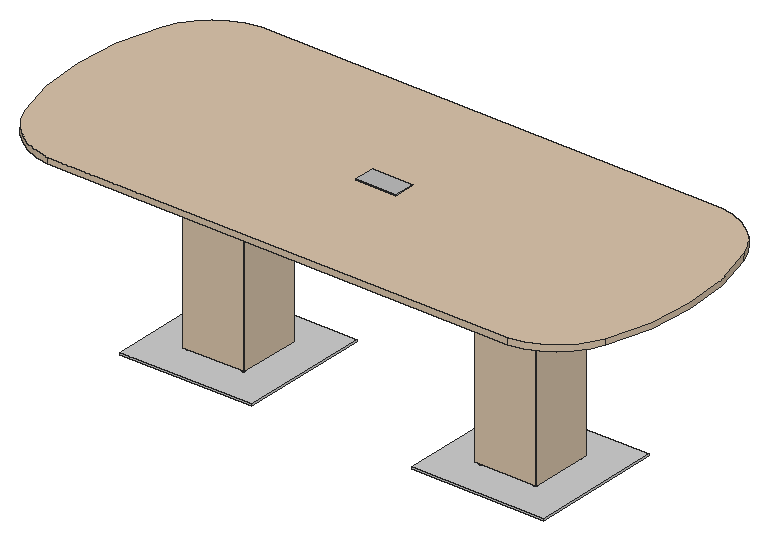
Revit family "Haworth_Planes_ColumnBaseConferenceTable_PebbleOnePiece", category Furniture Systems, Revit 2018
Family settings
  Round Connector Dimension = Use Diameter
  Part Type = Normal
  OmniClass Number = 23.40.70.14.64.21
  OmniClass Title = Systems Furniture
  Work Plane-Based = No
  Always vertical = Yes
  Cut with Voids When Loaded = No
  Shared = No
  Room Calculation Point = No
Parameters (values of type "120w 60d")
  Worksurface Finish [instance] = Haworth _ Laminate _ Maple H-AE
  Worksurface Edge Finish [instance] = Haworth _ Laminate _ Maple H-AE
  Width = 120"
  Warranty = "https://www.haworth.com/resources/product-info/warranties"
  URL - Product = "https://www.haworth.com/products/tables/conference/planes"
  Trim Finish = Haworth _ Laminate _ Maple H-AE
  Sustainability Info = "https://haworth.com/company-info/sustainability"
  Support Side Offset = 30"  # constant formula
  Standard Widths = "96, 102, 108, 114, 120 in."  # constant formula
  Standard Heights = "21, 29, 41 in."  # constant formula
  Standard Depths = "42, 48, 54, 60 in."  # constant formula
  Opening Single Wide = no
  Opening Single = not(or(Opening Single Wide, Opening Double, Opening Double Wide))  # yes
  Opening Left/Right = not(Opening Center)  # no
  Opening Double Wide = no
  Opening Double = no
  Opening Center = yes
  Model = "TARP"  # constant formula
  Min. Depth = 42"  # constant formula
  Max. Depth = 60"  # constant formula
  URL = "www.haworth.com"
  Support Height = Actual Height - Table Thickness  # 39 13/16"
  Size = "Verify Final Dim. w/ Haworth"  # constant formula
  Revision Number = "1"  # constant formula
  Min. Width = 96"  # constant formula
  Max. Width = 120"  # constant formula
  Min. Height = 21"  # constant formula
  Max. Height = 41"  # constant formula
  Manufacturer = "Haworth"  # constant formula
  Height = 41"
  Fliptop Width = Cutout Width + 1/4"  # 8 1/4"
  Fliptop Side Offset = Actual Width / 4  # 30"
  Fliptop Side Control = and(Flip Top, [Opening Left/Right])  # no
  Fliptop Depth = Cutout Depth + 3/8"  # 4 3/8"
  Fliptop Center Control = and(Flip Top, Opening Center)  # yes
  Flip Top Finish = Haworth _ Paint _ Metallic Champagne
  Flip Top = yes
  Description = "Haworth - Planes - Column Base Conference Table - Pebble - One-Piece"  # constant formula
  Depth = 60"
  Cutout Width = if(or(Opening Single Wide, Opening Double Wide), 11", 8")  # 8"
  Cutout Depth = if(or(Opening Double, Opening Double Wide), 7 11/16", 4")  # 4"
  Custom Size = not(and(or(Depth = 42", Depth = 48", Depth = 54", Depth = 60"), or(Width = 96", Width = 102", Width = 108", Width = 114", Width = 120")))  # no
  Base Finish = Haworth _ Metal _ Brushed Aluminum
  Author = "Haworth (Alias)"  # constant formula
  Assembly Code = "E2020200"
  Actual Width = if(Width > Max. Width, Max. Width, if(Width < Min. Width, Min. Width, Width))  # 120"
  Actual Height = if(Height > Max. Height, Max. Height, if(Height < Min. Height, Min. Height, Height))  # 41"
  Table Thickness = 1 3/16"  # constant formula
  Actual Depth = if(Depth > Max. Depth, Max. Depth, if(Depth < Min. Depth, Min. Depth, Depth))  # 60"
Reference planes (in)
  plane 1 "Center F/B": y = -0.15866
  plane 2 "Floor": z = 0
  plane 3 "Center L/R": x = 0
  plane 4 "Table Edge Left": x = -60
  plane 5 "Table Edge Right": x = 60
  plane 6 "Table Bottom": z = 41
  plane 7 "Left Support": x = -30
  plane 8 "Right Support": x = 30
  plane 9 "Worksurface Bottom": z = 39.8125
  plane 10 "Back": y = 29.84134
  plane 11 "Front": y = -30.15866
  plane 12 "Fliptop Left": x = -30
  plane 13 "Fliptop Right": x = 30
Dimensions and locks (in)
  "Actual Width": plane 4 "Table Edge Left" to plane 5 "Table Edge Right"
  equal spacing: plane 4 "Table Edge Left", plane 3 "Center L/R", plane 5 "Table Edge Right"
  "Actual Height": plane 6 "Table Bottom" to level
  "Support Side Offset": plane 4 "Table Edge Left" to plane 7 "Left Support"
  "Support Side Offset": plane 8 "Right Support" to plane 5 "Table Edge Right"
  equal spacing: plane 10 "Back", plane 1 "Center F/B", plane 11 "Front"
  "Actual Depth": plane 10 "Back" to plane 11 "Front"
  "Table Thickness": plane 6 "Table Bottom" to plane 9 "Worksurface Bottom"
  "Fliptop Side Offset": plane 4 "Table Edge Left" to plane 12 "Fliptop Left"
  "Fliptop Side Offset": plane 13 "Fliptop Right" to plane 5 "Table Edge Right"
  aligned and locked: plane 2 "Floor" to nested 1
  aligned and locked: plane 2 "Floor" to nested 2
  aligned and locked: plane 1 "Center F/B" to nested 1
  aligned and locked: plane 1 "Center F/B" to nested 2
  aligned and locked: plane 7 "Left Support" to nested 2
  aligned and locked: plane 8 "Right Support" to nested 1
  aligned and locked: plane 3 "Center L/R" to nested 3
  aligned and locked: plane 1 "Center F/B" to nested 3
  aligned and locked: nested 4 to plane 13 "Fliptop Right"
  aligned and locked: plane 1 "Center F/B" to nested 4
  aligned and locked: plane 12 "Fliptop Left" to nested 5
  aligned and locked: plane 1 "Center F/B" to nested 5
  aligned and locked: plane 2 "Floor" to nested 6
  aligned and locked: plane 1 "Center F/B" to nested 6
  aligned and locked: plane 3 "Center L/R" to nested 6
Nested families (in)
  nested 1: "Haworth_Planes_ColumnBase_Part" at (30, -3.78366, 0), type "Square"
    with Actual Height 39 13/16"
  nested 2: "Haworth_Planes_ColumnBase_Part" at (-30, -3.78366, 0), type "Square"
    with Actual Height 39 13/16"
  nested 3: "Haworth_Worksurface_FlipTop_Unit_Part" at (-0.57037, -0.21114, 41), built-in parameter 1001364 <- "Actual Height", visible <- "Fliptop Center Control", type "Flip Top"
  nested 4: "Haworth_Worksurface_FlipTop_Unit_Part" at (29.42963, -0.21114, 41), built-in parameter 1001364 <- "Actual Height", visible <- "Fliptop Side Control", type "Flip Top"
  nested 5: "Haworth_Worksurface_FlipTop_Unit_Part" at (-30.57037, -0.21114, 41), built-in parameter 1001364 <- "Actual Height", visible <- "Fliptop Side Control", type "Flip Top"
  nested 6: "Haworth_Planes_Worksurface_Pebble_NEWPart" at (0, -15.15866, 0), type "Worksurface"
    with Large Radius 426", Cutout Dimension 1", Cutout no, Actual Height 41", Actual Depth 60"
Definition of nested family "Haworth_Planes_ColumnBase_Part"
  Parameters (values of type "Square")
    Warranty = "http://www.haworth.com/resources/product-info/warranties"
    URL - Product = "http://www.haworth.com/products/tables/conference/planes"
    URL = "www.haworth.com"
    Trim Finish = none
    Top Gap = 1 1/2"  # constant formula
    Sustainability Info = "http://www.haworth.com/company-info/sustainablility"
    Support Finish = none
    Size = "Verify Final Dim. w/ Haworth"  # constant formula
    Revision Number = "2"  # constant formula
    Model = "Haworth - Planes - Enhanced Column Base - LIMITED"  # constant formula
    Min. Height = 27"  # constant formula
    Max. Height = 36"  # constant formula
    Manufacturer = "Haworth"  # constant formula
    Description = "Haworth - Planes - Enhanced Column Base - LIMITED"  # constant formula
    Column Frame Width 9 = no
    Column Frame Width 12 = yes
    Cladding Thickness = 1/8"  # constant formula
    Cladding Square = yes
    Cladding Round = no
    Cladding Radius = 8 1/2"  # constant formula
    Base Plate Square = yes
    Base Plate Round = no
    Base Plate Radius = 15"  # constant formula
    Base Height Offset = 3/8"  # constant formula
    Base Finish = none
    Base Depth Offset = 7 1/8"  # constant formula
    Author = "Haworth (Hampton)"  # constant formula
    Assembly Code = "E2020200"
    Actual Width = 12 3/4"  # constant formula
    Actual Height = 27 3/16"
    Actual Depth = 12 3/4"  # constant formula
  Types (2): name | Cladding Square | Cladding Round | Base Plate Square | Base Plate Round
    Square | yes | no | yes | no
    Round | no | yes | no | yes
  Reference planes (in)
    plane 1 "Center F/B": y = 3.625
    plane 2 "Bottom": z = 0
    plane 3 "Center L/R": x = 0
    plane 4 "Left": x = -6.375
    plane 5 "Right": x = 6.375
    plane 6 "Front": y = -2.75
    plane 7 "Top": z = 27.1875
    plane 8 "Back": y = 10
    plane 9: y = 9.25
    plane 10: x = 5.625
    plane 11: x = -5.625
    plane 12: y = -2
    plane 13 "Panel Top": z = 25.6875
    plane 14 "Base Plate Top": z = 0.375
    plane 15 "Panel Bottom": z = 0.75
    plane 16: x = -6.25
    plane 17: x = 6.25
    plane 18: y = 9.875
    plane 19: y = -2.625
    plane 20 "Plate Back": y = 17.125
    plane 21 "Plate Front": y = -9.875
    plane 22 "Plate Left": x = -13.5
    plane 23 "Plate Right": x = 13.5
    plane 24 "Angel 2": through (6.375, 10, 48) normal (0.7071, -0.7071, 0)
    plane 25 "Angel 1": through (-6.375, 10, 48) normal (0.7071, 0.7071, 0)
    plane 26: through (6.375, -2.75, 48) normal (-0.7071, -0.7071, 0)
    plane 27: through (6.375, 10, 48) normal (0.7071, -0.7071, 0)
    plane 28: through (-6.375, -2.75, 48) normal (-0.7071, 0.7071, 0)
    plane 29: through (6.375, -2.75, 48) normal (-0.7071, -0.7071, 0)
    plane 30: through (-6.375, 10, 48) normal (0.7071, 0.7071, 0)
    plane 31: through (-6.375, -2.75, 48) normal (-0.7071, 0.7071, 0)
  Forms (in)
    Extrusion 1, solid, material <- "Trim Finish", visible <- "Cladding Square"
      sketch origin (0, 0, 0) x (1, 0, 0) y (0, 1, 0)
        loop
          line (-6.375, 9.875) -> (-6.375, -2.625) -> (-6.25, -2.625) -> (-6.25, 9.875) -> (-6.375, 9.875)
      from 0.75 to 25.6875
    Extrusion 2, solid, material <- "Trim Finish", visible <- "Cladding Square"
      sketch origin (0, 0, 0) x (1, 0, 0) y (0, 1, 0)
        loop
          line (-6.25, 10) -> (-6.25, 9.875) -> (6.25, 9.875) -> (6.25, 10) -> (-6.25, 10)
      from 0.75 to 25.6875
    Extrusion 3, solid, material <- "Trim Finish", visible <- "Cladding Square"
      sketch origin (0, 0, 0) x (1, 0, 0) y (0, 1, 0)
        loop
          line (6.25, 9.875) -> (6.25, -2.625) -> (6.375, -2.625) -> (6.375, 9.875) -> (6.25, 9.875)
      from 0.75 to 25.6875
    Extrusion 4, solid, material <- "Trim Finish", visible <- "Cladding Square"
      sketch origin (0, 0, 0) x (1, 0, 0) y (0, 1, 0)
        loop
          line (-6.25, -2.625) -> (-6.25, -2.75) -> (6.25, -2.75) -> (6.25, -2.625) -> (-6.25, -2.625)
      from 0.75 to 25.6875
    Extrusion 5, solid, material <- "Support Finish"
      sketch origin (0, 0, 0) x (1, 0, 0) y (0, 1, 0)
        loop
          circle (-5.625, 9.25) r 0.375
        loop
          circle (5.625, 9.25) r 0.375
        loop
          circle (5.625, -2) r 0.375
        loop
          circle (-5.625, -2) r 0.375
      from 0.375 to 27.1875
    Extrusion 6, solid, material <- "Base Finish", visible <- "Base Plate Square"
      sketch origin (0, 0, 0) x (1, 0, 0) y (0, 1, 0)
        loop
          line (-13.5, 17.125) -> (-13.5, -9.875) -> (13.5, -9.875) -> (13.5, 17.125) -> (-13.5, 17.125)
      from 0 to 0.375
    Extrusion 7, solid, material <- "Base Finish", visible <- "Base Plate Round"
      sketch origin (0, 0, 0) x (1, 0, 0) y (0, 1, 0)
        loop
          circle (0, 3.625) r 15
      from 0 to 0.375
    Extrusion 8, solid, material <- "Trim Finish", visible <- "Cladding Round"
      sketch origin (0, 0, 0) x (1, 0, 0) y (0, 1, 0)
        loop
          arc (-6.01041, 9.63541) -> (0, 12.125) -> (6.01041, 9.63541) r 8.5
          line (6.01041, 9.63541) -> (6.01041, 9.81092)
          arc (6.01041, 9.81092) -> (0, 12.25) -> (-6.01041, 9.81092) r 8.625
          line (-6.01041, 9.81092) -> (-6.01041, 9.63541)
      from 0.75 to 25.6875
    Extrusion 9, solid, material <- "Trim Finish", visible <- "Cladding Round"
      sketch origin (-3.625, 3.625, 0) x (0, -1, 0) y (1, 0, 0)
        loop
          arc (-6.01041, 9.63541) -> (0, 12.125) -> (6.01041, 9.63541) r 8.5
          line (6.01041, 9.63541) -> (6.01041, 9.81092)
          arc (6.01041, 9.81092) -> (0, 12.25) -> (-6.01041, 9.81092) r 8.625
          line (-6.01041, 9.81092) -> (-6.01041, 9.63541)
      from 0.75 to 25.6875
    Extrusion 10, solid, material <- "Trim Finish", visible <- "Cladding Round"
      sketch origin (0, 7.25, 0) x (-1, 0, 0) y (0, -1, 0)
        loop
          arc (-6.01041, 9.63541) -> (0, 12.125) -> (6.01041, 9.63541) r 8.5
          line (6.01041, 9.63541) -> (6.01041, 9.81092)
          arc (6.01041, 9.81092) -> (0, 12.25) -> (-6.01041, 9.81092) r 8.625
          line (-6.01041, 9.81092) -> (-6.01041, 9.63541)
      from 0.75 to 25.6875
    Extrusion 11, solid, material <- "Trim Finish", visible <- "Cladding Round"
      sketch origin (3.625, 3.625, 0) x (0, 1, 0) y (-1, 0, 0)
        loop
          arc (-6.01041, 9.63541) -> (0, 12.125) -> (6.01041, 9.63541) r 8.5
          line (6.01041, 9.63541) -> (6.01041, 9.81092)
          arc (6.01041, 9.81092) -> (0, 12.25) -> (-6.01041, 9.81092) r 8.625
          line (-6.01041, 9.81092) -> (-6.01041, 9.63541)
      from 0.75 to 25.6875
  Lines and regions (in)
    symbolic lines, visible <- "Base Plate Square", detail levels medium+fine
      curve 1: line (-13.5, 17.125, 0) -> (13.5, 17.125, 0)
      curve 2: line (13.5, 17.125, 0) -> (13.5, -9.875, 0)
      curve 3: line (13.5, -9.875, 0) -> (-13.5, -9.875, 0)
      curve 4: line (-13.5, -9.875, 0) -> (-13.5, 17.125, 0)
    symbolic lines, visible <- "Cladding Square", detail levels medium+fine
      curve 5: line (-6.375, 10, 0) -> (6.375, 10, 0)
      curve 6: line (6.375, 10, 0) -> (6.375, -2.75, 0)
      curve 7: line (6.375, -2.75, 0) -> (-6.375, -2.75, 0)
      curve 8: line (-6.375, -2.75, 0) -> (-6.375, 10, 0)
    model lines, visible <- "Base Plate Round"
      curve 9: circle (0, 3.625, 0) r 15 normal (0, 0, 1)
    symbolic lines, visible <- "Base Plate Round", detail levels medium+fine
      curve 10: circle (0, 3.625, 0) r 8.5 normal (0, 0, 1)
  Dimensions and locks (in)
    equal spacing: plane 8 "Back", plane 1 "Center F/B", plane 6 "Front"
    "Actual Depth": plane 8 "Back" to plane 6 "Front"
    equal spacing: plane 4 "Left", plane 3 "Center L/R", plane 5 "Right"
    "Actual Width": plane 4 "Left" to plane 5 "Right"
    "Actual Height": plane 7 "Top" to level
    locked: plane 4 "Left" to plane 11 at 0.75
    locked: plane 10 to plane 5 "Right" at 0.75
    locked: plane 8 "Back" to plane 9 at 0.75
    locked: plane 12 to plane 6 "Front" at 0.75
    "Base Height Offset": plane 14 "Base Plate Top" to level
    "Base Height Offset": plane 15 "Panel Bottom" to plane 14 "Base Plate Top"
    "Top Gap": plane 7 "Top" to plane 13 "Panel Top"
    "Base Depth Offset": plane 22 "Plate Left" to plane 4 "Left"
    "Base Depth Offset": plane 5 "Right" to plane 23 "Plate Right"
    "Base Depth Offset": plane 21 "Plate Front" to plane 6 "Front"
    "Base Depth Offset": plane 20 "Plate Back" to plane 8 "Back"
    "Cladding Thickness": plane 8 "Back" to plane 18
    "Cladding Thickness": plane 19 to plane 6 "Front"
    "Cladding Thickness": plane 4 "Left" to plane 16
    "Cladding Thickness": plane 17 to plane 5 "Right"
    "Base Plate Radius": radius of Extrusion 7 sketch curve
    "Base Plate Radius": radius of curve 9
    "Cladding Radius": radius of Extrusion 8 sketch curve
    "Cladding Radius": radius of curve 10
    "Cladding Radius": radius of Extrusion 9 sketch curve
    "Cladding Radius": radius of Extrusion 10 sketch curve
    "Cladding Radius": radius of Extrusion 11 sketch curve
    aligned and locked: Extrusion 1 sketch curve to plane 19
    aligned and locked: plane 4 "Left" to Extrusion 1 sketch curve
    aligned and locked: Extrusion 1 sketch curve to plane 16
    aligned and locked: Extrusion 1 sketch curve to plane 18
    aligned and locked: Extrusion 2 sketch curve to plane 8 "Back"
    aligned and locked: plane 18 to Extrusion 2 sketch curve
    aligned and locked: plane 16 to Extrusion 2 sketch curve
    aligned and locked: plane 17 to Extrusion 2 sketch curve
    aligned and locked: Extrusion 3 sketch curve to plane 19
    aligned and locked: Extrusion 3 sketch curve to plane 18
    aligned and locked: Extrusion 3 sketch curve to plane 17
    aligned and locked: plane 5 "Right" to Extrusion 3 sketch curve
    aligned and locked: plane 16 to Extrusion 4 sketch curve
    aligned and locked: plane 17 to Extrusion 4 sketch curve
    aligned and locked: plane 19 to Extrusion 4 sketch curve
    aligned and locked: plane 6 "Front" to Extrusion 4 sketch curve
    aligned and locked: plane 13 "Panel Top" to Extrusion 4
    aligned and locked: Extrusion 4 to plane 15 "Panel Bottom"
    aligned and locked: plane 13 "Panel Top" to Extrusion 2
    aligned and locked: Extrusion 2 to plane 15 "Panel Bottom"
    aligned and locked: Extrusion 1 to plane 15 "Panel Bottom"
    aligned and locked: plane 13 "Panel Top" to Extrusion 1
    aligned and locked: Extrusion 3 to plane 15 "Panel Bottom"
    aligned and locked: plane 13 "Panel Top" to Extrusion 3
    aligned and locked: Extrusion 5 to plane 14 "Base Plate Top"
    aligned and locked: plane 7 "Top" to Extrusion 5
    aligned and locked: plane 22 "Plate Left" to Extrusion 6 sketch curve
    aligned and locked: Extrusion 6 sketch curve to plane 21 "Plate Front"
    aligned and locked: plane 23 "Plate Right" to Extrusion 6 sketch curve
    aligned and locked: Extrusion 6 sketch curve to plane 20 "Plate Back"
    aligned and locked: Extrusion 6 to plane 2 "Bottom"
    aligned and locked: Extrusion 6 to plane 14 "Base Plate Top"
    aligned and locked: curve 1 to plane 20 "Plate Back"
    aligned and locked: plane 22 "Plate Left" to curve 4
    aligned and locked: curve 3 to plane 21 "Plate Front"
    aligned and locked: plane 23 "Plate Right" to curve 2
    aligned and locked: plane 5 "Right" to curve 6
    aligned and locked: curve 5 to plane 8 "Back"
    aligned and locked: plane 4 "Left" to curve 8
    aligned and locked: plane 6 "Front" to curve 7
    aligned and locked: Extrusion 7 to plane 2 "Bottom"
    aligned and locked: Extrusion 7 to plane 14 "Base Plate Top"
    aligned and locked: plane 13 "Panel Top" to Extrusion 8
    aligned and locked: Extrusion 8 to plane 15 "Panel Bottom"
    aligned and locked: Extrusion 11 to plane 15 "Panel Bottom"
    aligned and locked: Extrusion 10 to plane 15 "Panel Bottom"
    aligned and locked: Extrusion 9 to plane 15 "Panel Bottom"
    aligned and locked: plane 13 "Panel Top" to Extrusion 11
    aligned and locked: plane 13 "Panel Top" to Extrusion 10
    aligned and locked: plane 13 "Panel Top" to Extrusion 9
    aligned and locked: Extrusion 11 to Extrusion 1  (x2)
    aligned and locked: Extrusion 2 to Extrusion 10  (x2)
    aligned and locked: Extrusion 9 to Extrusion 2
    aligned and locked: Extrusion 2 to Extrusion 9
    aligned and locked: Extrusion 2 to Extrusion 8  (x2)
    aligned and locked: Extrusion 4 to Extrusion 1
    aligned and locked: Extrusion 1 to Extrusion 4
  Automatic sketch dimensions
    Extrusion 5 sketch curve to plane 11 = 0"  (x2)
    Extrusion 5 sketch curve to plane 9 = 0"  (x2)
    Extrusion 5 sketch curve to plane 10 = 0"  (x2)
    Extrusion 5 sketch curve to plane 12 = 0"  (x2)
    curve 9 to curve 10 = 0"  (x2)
    plane 1 "Center F/B" to curve 9 = 0"
    curve 9 to plane 3 "Center L/R" = 0"
    plane 1 "Center F/B" to Extrusion 7 sketch curve = 0"
    Extrusion 7 sketch curve to plane 3 "Center L/R" = 0"
    Extrusion 8 sketch curve to Extrusion 8 sketch curve = 0"  (x2)
    plane 25 "Angel 1" to Extrusion 8 sketch curve = 0"
    plane 1 "Center F/B" to Extrusion 8 sketch curve = 0"
    Extrusion 8 sketch curve to plane 3 "Center L/R" = 0"
    plane 24 "Angel 2" to Extrusion 8 sketch curve = 0"
    Extrusion 8 sketch curve to plane 18 = 0.06408"
    Extrusion 9 sketch curve to Extrusion 9 sketch curve = 0"  (x2)
    Extrusion 9 sketch curve to plane 27 = 0"
    plane 1 "Center F/B" to Extrusion 9 sketch curve = 0"
    plane 26 to Extrusion 9 sketch curve = 0"
    Extrusion 9 sketch curve to plane 3 "Center L/R" = 0"
    plane 17 to Extrusion 9 sketch curve = 0.06408"
    Extrusion 10 sketch curve to Extrusion 10 sketch curve = 0"  (x2)
    Extrusion 10 sketch curve to plane 29 = 0"
    plane 1 "Center F/B" to Extrusion 10 sketch curve = 0"
    Extrusion 10 sketch curve to plane 3 "Center L/R" = 0"
    Extrusion 10 sketch curve to plane 28 = 0"
    Extrusion 10 sketch curve to plane 19 = 0.06408"
    Extrusion 11 sketch curve to Extrusion 11 sketch curve = 0"  (x2)
    plane 31 to Extrusion 11 sketch curve = 0"
    plane 1 "Center F/B" to Extrusion 11 sketch curve = 0"
    Extrusion 11 sketch curve to plane 30 = 0"
    Extrusion 11 sketch curve to plane 3 "Center L/R" = 0"
    plane 16 to Extrusion 11 sketch curve = 0.06408"
    radius of Extrusion 5 sketch curve = 3/8"  (x4)
Definition of nested family "Haworth_Worksurface_FlipTop_Unit_Part"
  Parameters (values of type "Flip Top")
    Warranty = "https://www.haworth.com/resources/product-info/warranties"
    URL - Product = "https://www.haworth.com/products/tables/conference/planes"
    URL = "www.haworth.com"
    Sustainability Info = "https://www.haworth.com/company-info/sustainability"
    Size = "Verify Final Dim. w/ Haworth"  # constant formula
    Revision Number = "2"  # constant formula
    Model = "Haworth_Worksurface-Flip_Top_Unit"  # constant formula
    Manufacturer = "Haworth"  # constant formula
    LEED Data = "www.haworth.com/_layouts/Haworth.ProductCatalog/Handlers/GetAsset.ashx/ComposeLEEDContributions.pdf?cid=27&rid=1824&type=Leed"
    Flip Top Finish = none
    Description = "Haworth Worksurface-Flip Top Unit - Part"
    Default Elevation = 48"
    Author = "Haworth (Alias), SHAPE Environments, LLC"  # constant formula
    Assembly Code = "E2020200"
    Actual Width = 8 1/4"
    Actual Depth = 4 3/8"
  Reference planes (in)
    plane 1 "Center F/B": y = 0.05249
    plane 2: z = 0
    plane 3 "Center L/R": x = 0.57037
    plane 4 "Back": y = 2.23999
    plane 5 "Right": x = 4.69537
    plane 6 "Front": y = -2.13501
    plane 7 "Left": x = -3.55463
    plane 8 "Table Height": z = 0
  Forms (in)
    Extrusion 1, solid, material <- "Flip Top Finish"
      sketch origin (0, 0, 0) x (-1, 0, 0) y (0, -1, 0)
        loop
          line (3.55463, -2.23999) -> (3.55463, 2.13501) -> (-4.69537, 2.13501) -> (-4.69537, -2.23999) -> (3.55463, -2.23999)
      from 0 to 0.125
    Extrusion 2, solid, material <- "Flip Top Finish"
      sketch origin (0, 0, 0) x (-1, 0, 0) y (0, -1, 0)
        loop
          line (3.42963, -2.05249) -> (3.42963, 1.94751) -> (-4.57037, 1.94751) -> (-4.57037, -2.05249) -> (3.42963, -2.05249)
      from 0 to -2.75
  Cuts and joins
    joined: Extrusion 1, Extrusion 2
  Lines and regions (in)
    Masking region 1
      outline origin (0, 0, 0) x (1, 0, 0) y (0, 1, 0)
        loop
          line (-3.55463, 2.23999) -> (-3.55463, -2.13501) -> (4.69537, -2.13501) -> (4.69537, 2.23999) -> (-3.55463, 2.23999)
  Dimensions and locks (in)
    equal spacing: plane 7 "Left", plane 3 "Center L/R", plane 5 "Right"
    "Actual Width": plane 7 "Left" to plane 5 "Right"
    equal spacing: plane 6 "Front", plane 1 "Center F/B", plane 4 "Back"
    "Actual Depth": plane 4 "Back" to plane 6 "Front"
    plane 7 "Left" to Extrusion 2 sketch curve = 1/8"
    plane 4 "Back" to Extrusion 2 sketch curve = 3/16"
    Extrusion 2 sketch curve to plane 5 "Right" = 1/8"
    Extrusion 2 sketch curve to plane 6 "Front" = 3/16"
    locked: plane 8 "Table Height" to level
    aligned and locked: plane 7 "Left" to Extrusion 1 sketch curve
    aligned and locked: Extrusion 1 sketch curve to plane 4 "Back"
    aligned and locked: plane 6 "Front" to Extrusion 1 sketch curve
    aligned and locked: Extrusion 1 sketch curve to plane 5 "Right"
    aligned and locked: Masking region 1 sketch curve to cut or joined group of Extrusion 1, Extrusion 2  (x3)
    aligned and locked: cut or joined group of Extrusion 1, Extrusion 2 to Masking region 1 sketch curve
Definition of nested family "Haworth_Planes_Worksurface_Pebble_NEWPart"
  Parameters (values of type "Worksurface")
    Warranty = "https://www.haworth.com/resources/product-info/warranties"
    URL - Product = ""
    URL = "www.haworth.com"
    Thickness = 1 3/16"
    Table Finish = none
    Table Edge Finish = none
    Small Radius = if(Actual Depth < 36", 17 179/256", if(Actual Depth < 42", 35 215/256", 47 109/128"))  # 47 109/128"
    Revision Number = ""
    Note = "Verify Final Dim. w/ Haworth"  # constant formula
    Manufacturer = "Haworth"  # constant formula
    Large Radius = if(and(Actual Width < 66", Actual Depth < 36"), 86 205/256", if(and(Actual Width < 66", Actual Depth < 42"), 80 1/4", if(and(Actual Width < 72", Actual Depth < 36"), 110 1/2", if(and(Actual Width < 72", Actual Depth < 42"), 105 109/128", if(and(Actual Width < 78", Actual Depth < 36"), 137 77/128", if(and(Actual Width < 78", Actual Depth < 42"), 135 13/128", if(Actual Width < 84", 167 243/256", if(and(Actual Width < 90", Actual Depth < 42"), 204 51/128", if(and(Actual Width < 90", Actual Depth < 48"), 191 115/128", if(and(Actual Width < 90", Actual Depth < 54"), 183 115/128", if(and(Actual Width < 90", Actual Depth < 60"), 172 115/128", if(and(Actual Width < 90", Actual Depth < 66"), 159", if(and(Actual Width < 96", Actual Depth < 42"), 244 115/256", if(and(Actual Width < 96", Actual Depth < 48"), 230 3/4", if(and(Actual Width < 96", Actual Depth < 54"), 221 243/256", if(and(Actual Width < 96", Actual Depth < 60"), 209 109/128", if(and(Actual Width < 96", Actual Depth < 66"), 194 1/2", if(and(Actual Width < 102", Actual Depth < 42"), 288 13/128", if(and(Actual Width < 102", Actual Depth < 48"), 273 51/256", if(and(Actual Width < 102", Actual Depth < 54"), 263 77/128", if(and(Actual Width < 102", Actual Depth < 60"), 250 51/128", if(and(Actual Width < 102", Actual Depth < 66"), 233 141/256", if(and(Actual Width < 108", Actual Depth < 48"), 319 1/4", if(and(Actual Width < 108", Actual Depth < 54"), 308 115/128", if(and(Actual Width < 108", Actual Depth < 60"), 294 141/256", if(and(Actual Width < 108", Actual Depth < 66"), 372 115/256", if(and(Actual Width < 114", Actual Depth < 48"), 368 115/128", if(and(Actual Width < 114", Actual Depth < 54"), 357 3/4", if(and(Actual Width < 114", Actual Depth < 60"), 342 77/256", if(and(Actual Width < 114", Actual Depth < 66"), 322 141/256", if(and(Actual Width < 120", Actual Depth < 48"), 422 19/128", if(and(Actual Width < 120", Actual Depth < 54"), 410 51/256", if(and(Actual Width < 120", Actual Depth < 60"), 393 179/256", if(and(Actual Width < 120", Actual Depth < 66"), 372 115/256", if(and(Actual Width < 126", Actual Depth < 48"), 479", if(and(Actual Width < 126", Actual Depth < 54"), 466", if(and(Actual Width < 126", Actual Depth < 60"), 448 77/128", if(and(Actual Width < 126", Actual Depth < 66"), 426", 450"))))))))))))))))))))))))))))))))))))))  # 448 77/128"
    Depth 5460 = and(Actual Depth > 53", Actual Depth < 61")  # yes
    Depth 4248 = and(Actual Depth > 41", Actual Depth < 54")  # no
    Depth 3036 = and(Actual Depth > 29", Actual Depth < 42")  # no
    Cutout Width = 8"
    Cutout Dimension = if(Cutout, 3", 1")  # 3"
    Cutout Depth = 4"
    Cutout = yes
    Corner Radius = 12"  # constant formula
    Author = "Haworth (Alias)"  # constant formula
    Assembly Code = ""
    Actual Width = 120"
    Actual Height = 29"
    Actual Depth = 59"
  Reference planes (in)
    plane 1 "Center F/B": y = 15
    plane 2 "Bottom": z = 0
    plane 3 "Center L/R": x = 0
    plane 4 "Table Front": y = 44.5
    plane 5 "Table Right": x = 60
    plane 6 "Table Left": x = -60
    plane 7 "Table Back": y = -14.5
    plane 8 "Table Top": z = 29
    plane 9 "Table Bottom": z = 27.8125
    plane 10 "Cutout Top": z = 30
    plane 11 "Cutout Bottom": z = 27
    plane 12 "KnifeEdge Middle": z = 28.625
  Dimensions and locks (in)
    "Actual Depth": plane 7 "Table Back" to plane 4 "Table Front"
    "Actual Width": plane 6 "Table Left" to plane 5 "Table Right"
    equal spacing: plane 6 "Table Left", plane 3 "Center L/R", plane 5 "Table Right"
    equal spacing: plane 4 "Table Front", plane 1 "Center F/B", plane 7 "Table Back"
    "Thickness": plane 8 "Table Top" to plane 9 "Table Bottom"
    "Actual Height": plane 8 "Table Top" to level
    "Cutout Dimension": plane 10 "Cutout Top" to plane 11 "Cutout Bottom"
    plane 10 "Cutout Top" to plane 8 "Table Top" = 1"
    locked: plane 8 "Table Top" to plane 12 "KnifeEdge Middle" at 0.375
    aligned and locked: nested 1 to plane 2 "Bottom"
    aligned and locked: nested 2 to plane 2 "Bottom"
    aligned and locked: nested 3 to plane 2 "Bottom"
    aligned and locked: plane 1 "Center F/B" to nested 1
    aligned and locked: plane 3 "Center L/R" to nested 1
    aligned and locked: plane 1 "Center F/B" to nested 2
    aligned and locked: plane 3 "Center L/R" to nested 2
    aligned and locked: plane 1 "Center F/B" to nested 3
    aligned and locked: plane 3 "Center L/R" to nested 3
  Nested families (in)
    nested 1: "Haworth_Planes_Worksurface_Pebble3036_Part" at (0, 0, 0), visible <- "Depth 3036", type "Worksurface"
      with Width 120", Depth 59", Actual Depth 41"
    nested 2: "Haworth_Planes_Worksurface_Pebble4248_Part" at (0, 0, 0), visible <- "Depth 4248", type "Worksurface"
      with Depth 59", Actual Depth 53"
    nested 3: "Haworth_Planes_Worksurface_Pebble5460_Part" at (0, 0, 0), visible <- "Depth 5460", type "Worksurface"
      with Depth 59", Actual Depth 59"
  Definition of nested family "Haworth_Planes_Worksurface_Pebble3036_Part"
    Parameters (values of type "Worksurface")
      Width = 96"
      Warranty = "https://www.haworth.com/resources/product-info/warranties"
      URL - Product = ""
      URL = "www.haworth.com"
      Thickness = 1 3/16"
      Table Finish = none
      Table Edge Finish = none
      Revision Number = ""
      Note = "Verify Final Dim. w/ Haworth"  # constant formula
      Min. Width = 60"  # constant formula
      Min. Depth = 30"  # constant formula
      Max. Width = 96"  # constant formula
      Max. Depth = 41"  # constant formula
      Manufacturer = "Haworth"  # constant formula
      Depth = 36"
      Cutout Width = 8"
      Cutout Dimension = if(Cutout, 3", 1")  # 3"
      Cutout Depth = 4"
      Cutout = yes
      Author = "Haworth (Alias)"  # constant formula
      Assembly Code = ""
      Actual Width = if(Width < Min. Width, Min. Width, if(Width > Max. Width, Max. Width, Width))  # 96"
      Actual Height = 29"
      Actual Depth = if(Depth > Max. Depth, Max. Depth, if(Depth < Min. Depth, Min. Depth, Depth))  # 36"
    Reference planes (in)
      plane 1 "Center F/B": y = 15
      plane 2 "Bottom": z = 0
      plane 3 "Center L/R": x = 0
      plane 4 "Table Top": z = 29
      plane 5 "Table Bottom": z = 27.8125
      plane 6 "Cutout Top": z = 30
      plane 7 "Cutout Bottom": z = 27
      plane 8 "KnifeEdge Middle": z = 28.625
      plane 9: y = 33
      plane 10: y = -3
      plane 11: x = 48
      plane 12: x = -48
    Forms (in)
      Extrusion 1, void
        sketch origin (0, 0, 29) x (-1, 0, 0) y (0, -1, 0)
          loop
            line (4, -17) -> (4, -13) -> (-4, -13) -> (-4, -17) -> (4, -17)
        from -2 to 1
      Extrusion 2, solid, material <- "Table Finish"
        sketch origin (0, 0, 0) x (1, 0, 0) y (0, 1, 0)
          loop
            arc (-37.8702, 30.34) -> (-44.23687, 26.86426) -> (-47.43768, 20.35503) r 12
            arc (-47.43768, 20.35503) -> (-47.84, 15) -> (-47.43768, 9.64497) r 35.84
            arc (-47.43768, 9.64497) -> (-44.23687, 3.13574) -> (-37.8702, -0.34) r 12
            arc (-37.8702, -0.34) -> (0, -2.84) -> (37.8702, -0.34) r 288.08039
            arc (37.8702, -0.34) -> (44.23687, 3.13574) -> (47.43768, 9.64497) r 12
            arc (47.43768, 9.64497) -> (47.84, 15) -> (47.43768, 20.35503) r 35.84
            arc (47.43768, 20.35503) -> (44.23687, 26.86426) -> (37.8702, 30.34) r 12
            arc (37.8702, 30.34) -> (0, 32.84) -> (-37.8702, 30.34) r 288.08039
        from 27.8125 to 29
    Cuts and joins
      Extrusion 1 cuts Extrusion 2
    Lines and regions (in)
      Masking region 1
        outline origin (0, 0, 0) x (1, 0, 0) y (0, 1, 0)
          loop
            arc (-37.8702, 30.34) -> (-44.23687, 26.86426) -> (-47.43768, 20.35503) r 12
            arc (-47.43768, 20.35503) -> (-47.84, 15) -> (-47.43768, 9.64497) r 35.84
            arc (-47.43768, 9.64497) -> (-44.23687, 3.13574) -> (-37.8702, -0.34) r 12
            arc (-37.8702, -0.34) -> (0, -2.84) -> (37.8702, -0.34) r 288.08039
            arc (37.8702, -0.34) -> (44.23687, 3.13574) -> (47.43768, 9.64497) r 12
            arc (47.43768, 9.64497) -> (47.84, 15) -> (47.43768, 20.35503) r 35.84
            arc (47.43768, 20.35503) -> (44.23687, 26.86426) -> (37.8702, 30.34) r 12
            arc (37.8702, 30.34) -> (0, 32.84) -> (-37.8702, 30.34) r 288.08039
      symbolic lines, visible <- "Cutout"
        curve 1: line (4, 13, 0) -> (-4, 13, 0)
        curve 2: line (-4, 13, 0) -> (-4, 17, 0)
        curve 3: line (-4, 17, 0) -> (4, 17, 0)
        curve 4: line (4, 17, 0) -> (4, 13, 0)
    Dimensions and locks (in)
      "Thickness": plane 4 "Table Top" to plane 5 "Table Bottom"
      "Actual Height": plane 4 "Table Top" to level
      equal spacing: Extrusion 1 sketch curve, plane 1 "Center F/B", Extrusion 1 sketch curve
      equal spacing: Extrusion 1 sketch curve, plane 3 "Center L/R", Extrusion 1 sketch curve
      "Cutout Width": Extrusion 1 sketch curve to Extrusion 1 sketch curve
      "Cutout Depth": Extrusion 1 sketch curve to Extrusion 1 sketch curve
      "Cutout Dimension": plane 6 "Cutout Top" to plane 7 "Cutout Bottom"
      plane 6 "Cutout Top" to plane 4 "Table Top" = 1"
      locked: plane 4 "Table Top" to plane 8 "KnifeEdge Middle" at 0.375
      "Actual Depth": plane 10 to plane 9
      "Actual Width": plane 12 to plane 11
      equal spacing: plane 12, plane 3 "Center L/R", plane 11
      equal spacing: plane 10, plane 1 "Center F/B", plane 9
      aligned and locked: plane 6 "Cutout Top" to Extrusion 1
      aligned and locked: Extrusion 1 to plane 7 "Cutout Bottom"
      aligned and locked: curve 4 to Extrusion 1
      aligned and locked: curve 2 to Extrusion 1
      aligned and locked: curve 3 to Extrusion 1
      aligned and locked: curve 1 to Extrusion 1
      aligned and locked: plane 4 "Table Top" to Extrusion 2
      aligned and locked: Extrusion 2 to plane 5 "Table Bottom"
      aligned and locked: Masking region 1 sketch curve to Extrusion 2  (x8)
    Automatic sketch dimensions
      plane 1 "Center F/B" to Extrusion 2 sketch curve = 0"  (x2)
      Extrusion 2 sketch curve to plane 3 "Center L/R" = 0"  (x2)
      Extrusion 2 sketch curve to plane 3 "Center L/R" = 12"
      Extrusion 2 sketch curve to plane 12 = 12.42761"
      Extrusion 2 sketch curve to Extrusion 2 sketch curve = 0"  (x4)
      plane 3 "Center L/R" to Extrusion 2 sketch curve = 12"
      plane 1 "Center F/B" to Extrusion 2 sketch curve = 3.56205"  (x2)
      Extrusion 2 sketch curve to plane 11 = 12.42761"
      plane 10 to Extrusion 2 sketch curve = 252.24039"
      Extrusion 2 sketch curve to plane 1 "Center F/B" = 3.56205"  (x2)
      plane 9 to Extrusion 2 sketch curve = 252.24039"
      Extrusion 2 sketch curve to plane 10 = 2.66"  (x2)
      Extrusion 2 sketch curve to plane 12 = 10.1298"  (x2)
      Extrusion 2 sketch curve to plane 9 = 2.66"  (x2)
  Definition of nested family "Haworth_Planes_Worksurface_Pebble4248_Part"
    Parameters (values of type "Worksurface")
      Width = 120"
      Warranty = "https://www.haworth.com/resources/product-info/warranties"
      URL - Product = ""
      URL = "www.haworth.com"
      Thickness = 1 3/16"
      Table Finish = none
      Table Edge Finish = none
      Revision Number = ""
      Note = "Verify Final Dim. w/ Haworth"  # constant formula
      Min. Width = 84"  # constant formula
      Min. Depth = 42"  # constant formula
      Max. Width = 120"  # constant formula
      Max. Depth = 53"  # constant formula
      Manufacturer = "Haworth"  # constant formula
      Depth = 48"
      Cutout Width = 8"
      Cutout Dimension = if(Cutout, 3", 1")  # 3"
      Cutout Depth = 4"
      Cutout = yes
      Author = "Haworth (Alias)"  # constant formula
      Assembly Code = ""
      Actual Width = if(Width < Min. Width, Min. Width, if(Width > Max. Width, Max. Width, Width))  # 120"
      Actual Height = 29"
      Actual Depth = if(Depth > Max. Depth, Max. Depth, if(Depth < Min. Depth, Min. Depth, Depth))  # 48"
    Reference planes (in)
      plane 1 "Center F/B": y = 15
      plane 2 "Bottom": z = 0
      plane 3 "Center L/R": x = 0
      plane 4 "Table Top": z = 29
      plane 5 "Table Bottom": z = 27.8125
      plane 6 "Cutout Top": z = 30
      plane 7 "Cutout Bottom": z = 27
      plane 8 "KnifeEdge Middle": z = 28.625
      plane 9: y = 39
      plane 10: y = -9
      plane 11: x = 60
      plane 12: x = -60
    Forms (in)
      Extrusion 1, void
        sketch origin (0, 0, 29) x (-1, 0, 0) y (0, -1, 0)
          loop
            line (4, -17) -> (4, -13) -> (-4, -13) -> (-4, -17) -> (4, -17)
        from -2 to 1
      Extrusion 2, solid, material <- "Table Finish"
        sketch origin (0, 0, 0) x (1, 0, 0) y (0, 1, 0)
          loop
            arc (-48.21939, -6.34) -> (0, -10.11125) -> (48.21939, -6.34) r 310.15331
            arc (48.21939, -6.34) -> (54.87119, -3.11991) -> (58.37482, 3.38701) r 12
            arc (58.37482, 3.38701) -> (59.57943, 15) -> (58.37482, 26.61299) r 56.57943
            arc (58.37482, 26.61299) -> (54.87119, 33.11991) -> (48.21939, 36.34) r 12
            arc (48.21939, 36.34) -> (0, 40.11125) -> (-48.21939, 36.34) r 310.15331
            arc (-48.21939, 36.34) -> (-54.87119, 33.11991) -> (-58.37482, 26.61299) r 12
            arc (-58.37482, 26.61299) -> (-59.57943, 15) -> (-58.37482, 3.38701) r 56.57943
            arc (-58.37482, 3.38701) -> (-54.87119, -3.11991) -> (-48.21939, -6.34) r 12
        from 27.8125 to 29
    Cuts and joins
      Extrusion 1 cuts Extrusion 2
    Lines and regions (in)
      Masking region 1
        outline origin (0, 0, 0) x (1, 0, 0) y (0, 1, 0)
          loop
            arc (-48.21939, 36.34) -> (-54.39333, 33.55358) -> (-58.0748, 27.86775) r 12
            arc (-58.0748, 27.86775) -> (-59.55804, 15) -> (-58.0748, 2.13225) r 56.55804
            arc (-58.0748, 2.13225) -> (-54.39333, -3.55358) -> (-48.21939, -6.34) r 12
            arc (-48.21939, -6.34) -> (0, -10.11125) -> (48.21939, -6.34) r 310.15331
            arc (48.21939, -6.34) -> (54.39333, -3.55358) -> (58.0748, 2.13225) r 12
            arc (58.0748, 2.13225) -> (59.55804, 15) -> (58.0748, 27.86775) r 56.55804
            arc (58.0748, 27.86775) -> (54.39333, 33.55358) -> (48.21939, 36.34) r 12
            arc (48.21939, 36.34) -> (0, 40.11125) -> (-48.21939, 36.34) r 310.15331
      symbolic lines, visible <- "Cutout"
        curve 1: line (4, 13, 0) -> (-4, 13, 0)
        curve 2: line (-4, 13, 0) -> (-4, 17, 0)
        curve 3: line (-4, 17, 0) -> (4, 17, 0)
        curve 4: line (4, 17, 0) -> (4, 13, 0)
    Dimensions and locks (in)
      "Thickness": plane 4 "Table Top" to plane 5 "Table Bottom"
      "Actual Height": plane 4 "Table Top" to level
      equal spacing: Extrusion 1 sketch curve, plane 1 "Center F/B", Extrusion 1 sketch curve
      equal spacing: Extrusion 1 sketch curve, plane 3 "Center L/R", Extrusion 1 sketch curve
      "Cutout Width": Extrusion 1 sketch curve to Extrusion 1 sketch curve
      "Cutout Depth": Extrusion 1 sketch curve to Extrusion 1 sketch curve
      "Cutout Dimension": plane 6 "Cutout Top" to plane 7 "Cutout Bottom"
      plane 6 "Cutout Top" to plane 4 "Table Top" = 1"
      locked: plane 4 "Table Top" to plane 8 "KnifeEdge Middle" at 0.375
      "Actual Depth": plane 10 to plane 9
      "Actual Width": plane 12 to plane 11
      equal spacing: plane 12, plane 3 "Center L/R", plane 11
      equal spacing: plane 10, plane 1 "Center F/B", plane 9
      aligned and locked: plane 6 "Cutout Top" to Extrusion 1
      aligned and locked: Extrusion 1 to plane 7 "Cutout Bottom"
      aligned and locked: curve 4 to Extrusion 1
      aligned and locked: curve 2 to Extrusion 1
      aligned and locked: curve 3 to Extrusion 1
      aligned and locked: curve 1 to Extrusion 1
      aligned and locked: Extrusion 2 to plane 4 "Table Top"
      aligned and locked: Extrusion 2 to plane 5 "Table Bottom"
    Automatic sketch dimensions
      plane 1 "Center F/B" to Extrusion 2 sketch curve = 0"  (x2)
      Extrusion 2 sketch curve to plane 3 "Center L/R" = 0"  (x2)
      Extrusion 2 sketch curve to plane 3 "Center L/R" = 3"
      Extrusion 2 sketch curve to plane 12 = 13.42933"  (x2)
      plane 3 "Center L/R" to Extrusion 2 sketch curve = 3"
      Extrusion 2 sketch curve to plane 11 = 13.42933"  (x2)
      plane 1 "Center F/B" to Extrusion 2 sketch curve = 9.4538"  (x2)
      plane 10 to Extrusion 2 sketch curve = 261.04206"
      Extrusion 2 sketch curve to plane 1 "Center F/B" = 9.4538"  (x2)
      plane 9 to Extrusion 2 sketch curve = 261.04206"
      Extrusion 2 sketch curve to plane 9 = 2.66"  (x2)
      Extrusion 2 sketch curve to plane 12 = 11.78061"  (x2)
      Extrusion 2 sketch curve to plane 10 = 2.66"  (x2)
      Extrusion 2 sketch curve to Extrusion 2 sketch curve = 0"  (x2)
      plane 1 "Center F/B" to Masking region 1 sketch curve = 0"  (x2)
      Masking region 1 sketch curve to plane 3 "Center L/R" = 0"  (x2)
      Masking region 1 sketch curve to plane 3 "Center L/R" = 3"
      Masking region 1 sketch curve to plane 12 = 13.42933"  (x2)
      plane 3 "Center L/R" to Masking region 1 sketch curve = 3"
      Masking region 1 sketch curve to plane 11 = 13.42933"  (x2)
      plane 1 "Center F/B" to Masking region 1 sketch curve = 9.4538"  (x2)
      plane 10 to Masking region 1 sketch curve = 261.04206"
      Masking region 1 sketch curve to plane 1 "Center F/B" = 9.4538"  (x2)
      plane 9 to Masking region 1 sketch curve = 261.04206"
      Masking region 1 sketch curve to plane 10 = 2.66"  (x2)
      Masking region 1 sketch curve to plane 12 = 11.78061"  (x2)
      Masking region 1 sketch curve to plane 9 = 2.66"  (x2)
      Masking region 1 sketch curve to Masking region 1 sketch curve = 0"  (x2)
  Definition of nested family "Haworth_Planes_Worksurface_Pebble5460_Part"
    Parameters (values of type "Worksurface")
      Width = 120"
      Warranty = "https://www.haworth.com/resources/product-info/warranties"
      URL - Product = ""
      URL = "www.haworth.com"
      Thickness = 1 3/16"
      Table Finish = none
      Table Edge Finish = none
      Revision Number = ""
      Note = "Verify Final Dim. w/ Haworth"  # constant formula
      Min. Width = 84"  # constant formula
      Min. Depth = 54"  # constant formula
      Max. Width = 120"  # constant formula
      Max. Depth = 60"  # constant formula
      Manufacturer = "Haworth"  # constant formula
      Depth = 54"
      Cutout Width = 8"
      Cutout Dimension = if(Cutout, 3", 1")  # 3"
      Cutout Depth = 4"
      Cutout = yes
      Author = "Haworth (Alias)"  # constant formula
      Assembly Code = ""
      Actual Width = if(Width < Min. Width, Min. Width, if(Width > Max. Width, Max. Width, Width))  # 120"
      Actual Height = 29"
      Actual Depth = if(Depth > Max. Depth, Max. Depth, if(Depth < Min. Depth, Min. Depth, Depth))  # 54"
    Reference planes (in)
      plane 1 "Center F/B": y = 15
      plane 2 "Bottom": z = 0
      plane 3 "Center L/R": x = 0
      plane 4 "Table Front": y = 42
      plane 5 "Table Right": x = 60
      plane 6 "Table Left": x = -60
      plane 7 "Table Back": y = -12
      plane 8 "Table Top": z = 29
      plane 9 "Table Bottom": z = 27.8125
      plane 10 "Cutout Top": z = 30
      plane 11 "Cutout Bottom": z = 27
      plane 12 "KnifeEdge Middle": z = 28.625
    Forms (in)
      Extrusion 1, void
        sketch origin (0, 0, 29) x (-1, 0, 0) y (0, -1, 0)
          loop
            line (4, -17) -> (4, -13) -> (-4, -13) -> (-4, -17) -> (4, -17)
        from -2 to 1
      Extrusion 2, solid, material <- "Table Finish"
        sketch origin (0, 0, 0) x (1, 0, 0) y (0, 1, 0)
          loop
            arc (-47.29588, 39.34) -> (-53.13668, 36.8014) -> (-56.85594, 31.63161) r 12
            arc (-56.85594, 31.63161) -> (-59.84, 15) -> (-56.85594, -1.63161) r 47.84
            arc (-56.85594, -1.63161) -> (-53.13668, -6.8014) -> (-47.29588, -9.34) r 12
            arc (-47.29588, -9.34) -> (0, -11.84) -> (47.29588, -9.34) r 448.63
            arc (47.29588, -9.34) -> (53.13668, -6.8014) -> (56.85594, -1.63161) r 12
            arc (56.85594, -1.63161) -> (59.84, 15) -> (56.85594, 31.63161) r 47.84
            arc (56.85594, 31.63161) -> (53.13668, 36.8014) -> (47.29588, 39.34) r 12
            arc (47.29588, 39.34) -> (0, 41.84) -> (-47.29588, 39.34) r 448.63
        from 27.8125 to 29
    Cuts and joins
      Extrusion 1 cuts Extrusion 2
    Lines and regions (in)
      Masking region 1
        outline origin (0, 0, 0) x (1, 0, 0) y (0, 1, 0)
          loop
            arc (56.85594, 31.63161) -> (53.13668, 36.8014) -> (47.29588, 39.34) r 12
            arc (47.29588, 39.34) -> (0, 41.84) -> (-47.29588, 39.34) r 448.63
            arc (-47.29588, 39.34) -> (-53.13668, 36.8014) -> (-56.85594, 31.63161) r 12
            arc (-56.85594, 31.63161) -> (-59.84, 15) -> (-56.85594, -1.63161) r 47.84
            arc (-56.85594, -1.63161) -> (-53.13668, -6.8014) -> (-47.29588, -9.34) r 12
            arc (-47.29588, -9.34) -> (0, -11.84) -> (47.29588, -9.34) r 448.63
            arc (47.29588, -9.34) -> (53.13668, -6.8014) -> (56.85594, -1.63161) r 12
            arc (56.85594, -1.63161) -> (59.84, 15) -> (56.85594, 31.63161) r 47.84
      symbolic lines, visible <- "Cutout"
        curve 1: line (4, 13, 0) -> (-4, 13, 0)
        curve 2: line (-4, 13, 0) -> (-4, 17, 0)
        curve 3: line (-4, 17, 0) -> (4, 17, 0)
        curve 4: line (4, 17, 0) -> (4, 13, 0)
    Dimensions and locks (in)
      "Actual Depth": plane 7 "Table Back" to plane 4 "Table Front"
      "Actual Width": plane 6 "Table Left" to plane 5 "Table Right"
      equal spacing: plane 6 "Table Left", plane 3 "Center L/R", plane 5 "Table Right"
      equal spacing: plane 4 "Table Front", plane 1 "Center F/B", plane 7 "Table Back"
      "Thickness": plane 8 "Table Top" to plane 9 "Table Bottom"
      "Actual Height": plane 8 "Table Top" to level
      equal spacing: Extrusion 1 sketch curve, plane 1 "Center F/B", Extrusion 1 sketch curve
      equal spacing: Extrusion 1 sketch curve, plane 3 "Center L/R", Extrusion 1 sketch curve
      "Cutout Width": Extrusion 1 sketch curve to Extrusion 1 sketch curve
      "Cutout Depth": Extrusion 1 sketch curve to Extrusion 1 sketch curve
      "Cutout Dimension": plane 10 "Cutout Top" to plane 11 "Cutout Bottom"
      plane 10 "Cutout Top" to plane 8 "Table Top" = 1"
      locked: plane 8 "Table Top" to plane 12 "KnifeEdge Middle" at 0.375
      aligned and locked: plane 10 "Cutout Top" to Extrusion 1
      aligned and locked: Extrusion 1 to plane 11 "Cutout Bottom"
      aligned and locked: curve 4 to Extrusion 1
      aligned and locked: curve 2 to Extrusion 1
      aligned and locked: curve 3 to Extrusion 1
      aligned and locked: curve 1 to Extrusion 1
      aligned and locked: Extrusion 2 to plane 8 "Table Top"
      aligned and locked: Extrusion 2 to plane 9 "Table Bottom"
      aligned and locked: Masking region 1 sketch curve to Extrusion 2  (x8)
    Automatic sketch dimensions
      plane 1 "Center F/B" to Extrusion 2 sketch curve = 0"  (x2)
      Extrusion 2 sketch curve to plane 3 "Center L/R" = 12"
      Extrusion 2 sketch curve to plane 3 "Center L/R" = 0"  (x2)
      plane 3 "Center L/R" to Extrusion 2 sketch curve = 12"
      plane 5 "Table Right" to Extrusion 2 sketch curve = 14.39555"  (x2)
      plane 1 "Center F/B" to Extrusion 2 sketch curve = 12.4598"  (x2)
      plane 7 "Table Back" to Extrusion 2 sketch curve = 394.79"
      Extrusion 2 sketch curve to plane 1 "Center F/B" = 12.4598"  (x2)
      plane 4 "Table Front" to Extrusion 2 sketch curve = 394.79"
      Extrusion 2 sketch curve to plane 7 "Table Back" = 2.66"  (x2)
      Extrusion 2 sketch curve to Extrusion 2 sketch curve = 1.69143"  (x2)
      Extrusion 2 sketch curve to plane 4 "Table Front" = 2.66"  (x2)
      Extrusion 2 sketch curve to Extrusion 2 sketch curve = 0"  (x2)
      plane 6 "Table Left" to Extrusion 2 sketch curve = 14.39555"  (x2)
